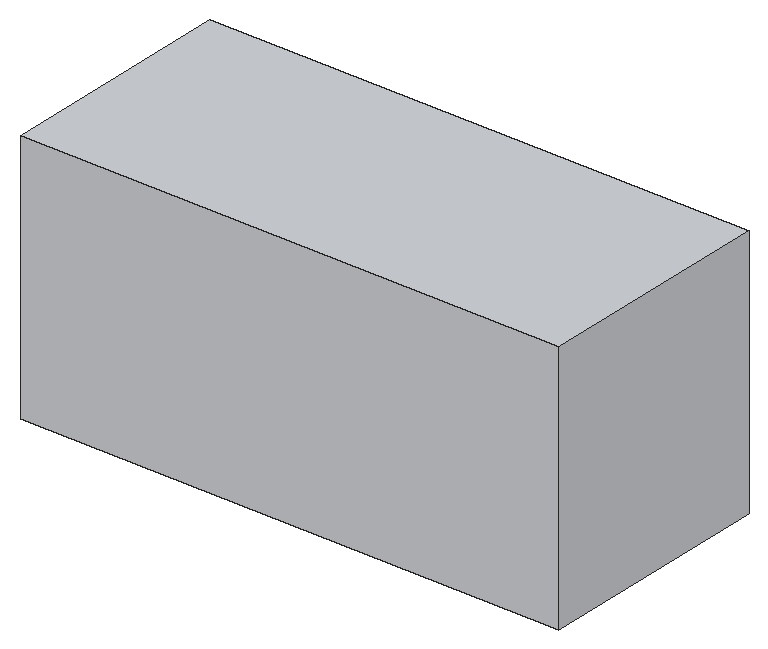
Revit family "GIS_Transformer_Conservator", category Modelos genéricos, Revit 2027
Family settings
  Pode hospedar o vergalhão = Não
  Cota do conector redondo = Utilizar diâmetro
  Tipo de parte = Normal
  Com base no plano de trabalho = Não
  Sempre na vertical = Sim
  Corte com vazios quando carregada = Não
  Manter orientação da anotação = Não
  Compartilhado = Não
  Ponto de cálculo do ambiente = Não
Parameters (values of type "TR_CONSERVATOR_STUDY")
  Elevação padrão = 0 mm
  BIM_TensaoSecundaria_kV = 0
  BIM_TensaoNominal_kV = 0
  BIM_TensaoClasse_kV = 0
  BIM_TensaoClasseSecundaria_kV = 0
  BIM_TensaoAuxiliarCA_kV = 0
  BIM_Sistema_Elemento [instance] = ""
  BIM_ReferenciaCatalogo = "Portfolio estimate; include only if conservator construction is confirmed"
  BIM_Profundidade = 750 mm
  BIM_Potencia_MVA = 0
  BIM_Localizacao [instance] = ""
  BIM_Largura = 1700 mm
  BIM_Impedancia_pu = 0
  BIM_FonteGeometria = "Portfolio estimate; include only if conservator construction is confirmed"
  BIM_Fabricante = "NAO SELECIONADO"
  BIM_EstadoGeometria = "CONDITIONAL"
  BIM_EstadoEspecificacao = "PREMISSA / NAO SELECIONADO"
  BIM_DescricaoEstudo = "Conservador de oleo conceitual, condicionado a construcao com conservador."
  BIM_CorrenteReferenciaSecundaria_A = 0
  BIM_CorrenteNominal_A = 0
  BIM_Bay [instance] = ""
  BIM_AlturaCorpoPrincipal = 800 mm
  BIM_Altura = 800 mm
Reference planes
  plane 1 "Centro (Frente/Trás)": y = 0
  plane 2: z = 0
  plane 3 "Centro (Esquerda/Direita)": x = 0
  plane 4 "BIM Left": x = -850
  plane 5 "BIM Right": x = 850
  plane 6 "BIM Front": y = -375
  plane 7 "BIM Back": y = 375
Forms (mm)
  Extrusion 1, solid
    sketch origin (0, 0, 0) x (1, 0, 0) y (0, 1, 0)
      loop
        line (-850, -375) -> (850, -375) -> (850, 375) -> (-850, 375) -> (-850, -375)
    from 0 to 800 <- "BIM_AlturaCorpoPrincipal"
Dimensions and locks
  "BIM_Largura": plane 4 "BIM Left" to plane 5 "BIM Right"
  "BIM_Profundidade": plane 6 "BIM Front" to plane 7 "BIM Back"
  aligned and locked: level to plane 2
  aligned and locked: plane 4 "BIM Left" to Extrusion 1
  aligned and locked: Extrusion 1 to plane 5 "BIM Right"
  aligned and locked: Extrusion 1 to plane 6 "BIM Front"
  aligned and locked: plane 7 "BIM Back" to Extrusion 1
Automatic sketch dimensions
  Extrusion 1 sketch curve to plane 4 "BIM Left" = 0 mm
  Extrusion 1 sketch curve to plane 5 "BIM Right" = 0 mm
  Extrusion 1 sketch curve to plane 6 "BIM Front" = 0 mm
  Extrusion 1 sketch curve to plane 7 "BIM Back" = 0 mm
